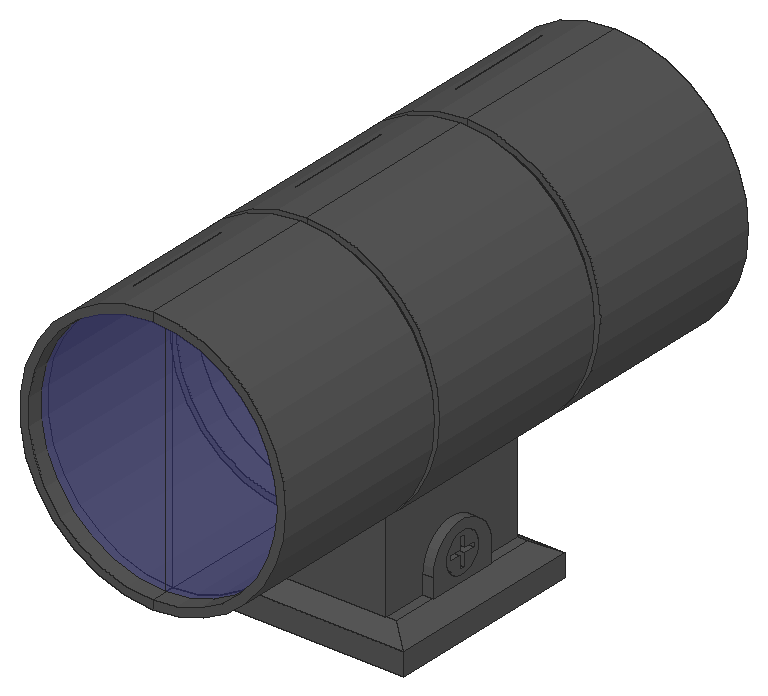
Revit family "CARLO CYLINDER LIGHT WALL MOUNT", category Lighting Fixtures, host Face, Revit 2020 (continued)
Types (10): name | Wattage_Input | Wattage Comments | Wattage | Photometric Web File | built-in parameter 1150142 | Model | built-in parameter 1150105 | Lumens | Light Length 1 | LIGHT RADIUS | LIGHT PLACEMENT | LIGHT LENGTH | LIGHT DIA | built-in parameter 1150106 | FIXED END HEIGHT | Curve base Height | Base Curve | BEAMING ANGLE | Apparent Load
     157.66 161.84 166.77 172.71 \r\n 179.71 187.58 197.26 209.89 224.61 240.72 258.86 279.02 302.38 330.55 \r\n 362.2 396.5 433.49 473.01 514.9 559.07 605.2 652.93 702.17 753.09 \r\n 804.48 855.12 905.19 954.62 1002.9 1049.7 1094.7 1138.4 1179.4 1216.2 \r\n 1249.7 1280.3 1308.4 1334.6 1358.4 1379.3 1397.8 1414.6 1428.9 1440.2 \r\n 1452.3 \r\n1448.4 1441.7 1428 1409.8 1388.1 1363.1 1337 1312.6 1288 1262.6 \r\n 1235.7 1207.3 1175.3 1137 1094.6 1049.1 1001.4 952.53 902.9 853.41 \r\n 803.97 754.72 705.87 657.5 610.16 564.28 520.27 478.72 439.45 402.36 \r\n 367.83 335.76 307.54 285.65 266.84 248.41 231.17 214.5 199.97 189.57 \r\n 181.38 174.03 167.88 162.95 158.86 155.22 152.12 149.61 147.48 145.53 \r\n 143.84 142.49 141.3 140.12 139.02 138.06 137.14 136.09 135.06 134.17 \r\n 133.29 132.35 131.41 130.53 129.62 128.64 127.49 126.29 124.38 120.98 \r\n 116.64 111.67 106.03 99.717 92.976 86.072 78.947 71.546 64.129 57.046 \r\n 49.982 42.547 35.322 28.626 22.858 18.623 15.623 13.997 13.043 12.074 \r\n 11.182 10.209 9.2107 8.1438 7.1463 6.3549 5.7301 5.304 4.9984 4.7502 \r\n 4.5462 4.3518 4.1688 3.9844 3.8068 3.6393 3.4833 3.3446 3.2143 3.0912 \r\n 2.9583 2.7861 2.6106 2.4646 2.3279 2.1968 2.0546 1.8654 1.6825 1.566 \r\n 1.4588 1.3113 1.1621 1.0376 0.92436 0.81935 0.71765 0.60571 0.50637 0.44443 \r\n 0.4005 0.36349 0.33332 0.30579 0.28228 0.26351 0.24723 0.2304 0.21605 0.20791 \r\n 0.20084 0.19023 0.17964 0.17196 0.16459 0.15484 0.14588 0.14175 0.13722 0.12659 \r\n 0.11532 0.10766 0.10158 0.096684 0.092292 0.087436 0.082535 0.078658 0.07288 0.060592 \r\n 0.047916 0.040573 0.035165 0.030257 0.025671 0.020316 0.015493 0.012303 0.010258 0.0099949 \r\n 0.0092418 0.0046053 0.000085 0 0 0 0 0 0 0 \r\n 0 0 0 0 0 0 0 0 0.000084 0.0034553 \r\n 0.007047 0.0079819 0.0088957 0.011956 0.01569 0.019128 0.022931 0.027638 0.03264 0.036819 \r\n 0.042239 0.051669 0.061876 0.070355 0.077702 0.083352 0.088279 0.092926 0.09831 0.10658 \r\n 0.11479 0.11961 0.12434 0.13195 0.14007 0.14709 0.15365 0.15948 0.16569 0.1729 \r\n 0.18225 0.19714 0.21137 0.2168 0.22262 0.23871 0.2592 0.27997 0.30566 0.33918 \r\n 0.38167 0.4344 0.49996 0.58313 0.67858 0.78311 0.89502 1.0097 1.1327 1.2735 \r\n 1.416 1.5397 1.6661 1.8174 1.9703 2.1034 2.2339 2.3741 2.5185 2.6686 \r\n 2.8169 2.9542 3.0874 3.2211 3.3539 3.4829 3.6171 3.7617 3.925 4.1243 \r\n 4.338 4.5509 4.7614 4.8966 5.155 5.7492 6.5643 7.5904 8.7238 9.8693 \r\n 10.99 11.817 12.951 14.828 17.669 22.012 27.334 33.34 39.876 46.705 \r\n 53.784 60.965 68.329 76.098 83.693 90.461 96.834 103.16 109.04 114.31 \r\n 118.66 121.48 123.39 124.76 125.78 126.8 127.72 128.56 129.36 130.19 \r\n 131.06 131.99 132.97 134.03 135.13 136.2 137.28 138.36 139.55 140.95 \r\n 142.56 144.43 146.54 148.8 151.45 154.67 158.45 162.74 167.81 173.91 \r\n 181.08 188.96 199.02 213.32 229.76 246.65 264.89 284.01 306.39 335.06 \r\n 367.54 402.28 439.61 479.39 521.57 566.23 612.79 660.71 709.97 760.73 \r\n 811.9 862.38 912.41 962.11 1010.7 1057.6 1102.7 1146.5 1187.5 1223.8 \r\n 1256.7 1287 1314.7 1339.9 1362.7 1383.2 1401.4 1417.7 1431.4 1441.6 \r\n 1452.3 \r\n1448.4 1441.2 1427.7 1409.8 1388.6 1363.9 1338.1 1313.8 1289.2 1263.8 \r\n 1236.8 1208.2 1176.1 1137.6 1095.1 1049.7 1002 952.99 903.21 853.72 \r\n 804.37 755.28 706.61 658.39 611.07 564.89 520.53 478.8 439.49 402.64 \r\n 368.33 336.28 307.68 284.35 264.15 245.43 228.58 213.23 200 189.76 \r\n 181.39 174.02 167.84 162.88 158.78 155.14 152.05 149.53 147.39 145.42 \r\n 143.71 142.34 141.14 139.94 138.81 137.84 136.9 135.86 134.84 133.95 \r\n 133.08 132.12 131.16 130.27 129.37 128.47 127.41 126.21 124.3 120.95 \r\n 116.63 111.52 105.75 99.438 92.768 85.992 78.997 71.675 64.268 57.031 \r\n 49.82 42.414 35.301 28.804 23.193 18.892 15.763 14.048 13.026 12.039 \r\n 11.146 10.164 9.1562 8.0724 7.0603 6.2643 5.644 5.238 4.9537 4.7119 \r\n 4.5114 4.3261 4.1515 3.9701 3.7938 3.6282 3.4743 3.3392 3.211 3.0844 \r\n 2.9473 2.7741 2.6003 2.4621 2.3317 2.1957 2.0476 1.8616 1.6827 1.5652 \r\n 1.4558 1.3064 1.157 1.038 0.93029 0.82505 0.7225 0.6134 0.51737 0.45742 \r\n 0.4142 0.37497 0.34287 0.3179 0.29671 0.27519 0.25567 0.23917 0.22543 0.21524 \r\n 0.20637 0.19759 0.18906 0.18057 0.17203 0.16274 0.15435 0.14957 0.14454 0.13499 \r\n 0.12481 0.11683 0.11003 0.10459 0.099657 0.094284 0.088874 0.084171 0.078203 0.067758 \r\n 0.057304 0.051285 0.046556 0.041297 0.035986 0.030259 0.024814 0.0201 0.016501 0.015747 \r\n 0.014265 0.0070666 0.00013131 0 0 0 0 0 0 0 \r\n 0 0 0 0 0 0 0 0 0.000047 0.0019609 \r\n 0.0039658 0.004368 0.0047449 0.0063901 0.0084615 0.010239 0.01265 0.016651 0.021441 0.026005 \r\n 0.03195 0.041305 0.051795 0.062351 0.071386 0.075883 0.079061 0.083041 0.088106 0.096311 \r\n 0.10447 0.10871 0.11311 0.12155 0.13073 0.13849 0.14532 0.15027 0.15546 0.16251 \r\n 0.17192 0.18677 0.20097 0.20633 0.21229 0.22831 0.24859 0.26869 0.29394 0.32771 \r\n 0.37151 0.4276 0.49715 0.58421 0.68234 0.78551 0.89655 1.0168 1.1447 1.2818 \r\n 1.4205 1.5498 1.6827 1.836 1.9875 2.1113 2.2348 2.3833 2.5377 2.6879 \r\n 2.8317 2.9579 3.0825 3.2227 3.3636 3.4927 3.62 3.7426 3.8872 4.0934 \r\n 4.3191 4.5367 4.7419 4.8696 5.0746 5.5012 6.1146 6.9434 7.942 9.1365 \r\n 10.339 11.102 12.234 14.398 17.584 22.142 27.657 33.896 40.669 47.759 \r\n 55.013 62.12 69.34 77.039 84.595 91.399 97.778 103.95 109.64 114.74 \r\n 118.91 121.56 123.35 124.71 125.76 126.77 127.7 128.55 129.38 130.25 \r\n 131.15 132.11 133.12 134.18 135.27 136.38 137.51 138.62 139.84 141.31 \r\n 142.99 144.91 147.06 149.4 152.11 155.38 159.23 163.63 168.84 175.09 \r\n 182.44 190.36 200.84 216.72 234.83 252.58 271.04 289.2 310.65 339.81 \r\n 373.14 408.36 446.08 486.16 528.65 573.78 620.76 668.87 718.14 768.7 \r\n 819.63 869.96 919.97 969.95 1018.9 1065.9 1111.1 1155 1195.8 1231.6 \r\n 1263.9 1293.8 1321 1345.1 1366.9 1387.1 1405.1 1421 1434 1443.2 \r\n 1452.3 \r\n1448.4 1440.9 1427.6 1410.2 1389.4 1365.2 1339.7 1315.5 1290.9 1265.3 \r\n 1238.3 1209.7 1177.4 1138.8 1096.2 1050.9 1003.4 954.22 904.28 854.74 \r\n 805.42 756.49 707.98 659.88 612.57 566.12 521.42 479.48 440.08 403.39 \r\n 369.23 337.15 308.17 283.56 262.14 243.13 226.59 212.35 200.23 190.1 \r\n 181.57 174.16 167.94 162.94 158.81 155.16 152.07 149.52 147.35 145.35 \r\n 143.61 142.23 141.01 139.78 138.64 137.63 136.67 135.64 134.63 133.75 \r\n 132.87 131.9 130.93 130.03 129.15 128.32 127.32 126.13 124.23 120.97 \r\n 116.69 111.45 105.54 99.25 92.654 85.985 79.097 71.846 64.447 57.058 \r\n 49.707 42.352 35.368 29.065 23.596 19.216 15.94 14.11 12.998 11.987 \r\n 11.091 10.096 9.0745 7.9811 6.9632 6.1655 5.5512 5.1675 4.9065 4.6722 \r\n 4.4755 4.2986 4.1315 3.9539 3.7799 3.6165 3.4648 3.3327 3.2062 3.0765 \r\n 2.9361 2.7626 2.5908 2.4589 2.3336 2.1933 2.0406 1.8585 1.6841 1.565 \r\n 1.4531 1.3025 1.1535 1.0383 0.93443 0.82897 0.72601 0.61979 0.52695 0.46849 \r\n 0.42555 0.38435 0.35058 0.3278 0.30862 0.28475 0.2625 0.24654 0.23354 0.22151 \r\n 0.21096 0.2039 0.19728 0.18796 0.17827 0.16949 0.16168 0.15609 0.15041 0.14206 \r\n 0.13316 0.12496 0.11748 0.11147 0.10596 0.10013 0.094283 0.088823 0.082654 0.073804 \r\n 0.065299 0.060501 0.056426 0.050821 0.044846 0.038891 0.03301 0.026993 0.022016 0.020715 \r\n 0.018498 0.0091247 0.00017022 0 0 0 0 0 0 0 \r\n 0 0 0 0 0 0 0 0 0.000014 0.00057788 \r\n 0.0011534 0.0012127 0.0012585 0.0017011 0.0022895 0.0024808 0.0035607 0.006992 0.0117 0.016702 \r\n 0.023185 0.032475 0.043174 0.055484 0.065941 0.069428 0.071101 0.074545 0.079359 0.087424 \r\n 0.095472 0.099336 0.10359 0.11276 0.12286 0.13132 0.13846 0.14274 0.14708 0.15393 \r\n 0.16325 0.17775 0.1917 0.19717 0.20348 0.21944 0.23947 0.25897 0.28385 0.31788 \r\n 0.36294 0.4222 0.49558 0.58674 0.68763 0.78874 0.8982 1.024 1.1571 1.2903 \r\n 1.4252 1.559 1.6976 1.8535 2.0044 2.1195 2.2363 2.3927 2.5564 2.7071 \r\n 2.8468 2.9628 3.0794 3.2254 3.3738 3.5039 3.6264 3.7308 3.8597 4.0722 \r\n 4.308 4.5259 4.7276 4.8659 5.0456 5.3447 5.7958 6.4536 7.33 8.5614 \r\n 9.8297 10.531 11.661 14.084 17.586 22.353 28.057 34.5 41.478 48.812 \r\n 56.235 63.281 70.371 77.978 85.473 92.317 98.717 104.75 110.25 115.18 \r\n 119.18 121.67 123.36 124.71 125.78 126.79 127.7 128.56 129.4 130.3 \r\n 131.24 132.23 133.25 134.3 135.38 136.53 137.7 138.83 140.07 141.59 \r\n 143.34 145.3 147.5 149.9 152.69 156 159.91 164.42 169.77 176.15 \r\n 183.66 191.68 202.55 219.75 239.25 257.83 276.59 294.06 314.83 344.48 \r\n 378.58 414.26 452.39 492.79 535.59 581.17 628.54 676.81 726.1 776.45 \r\n 827.14 877.33 927.33 977.57 1026.8 1074 1119.2 1163.2 1203.9 1239 \r\n 1270.7 1300.1 1326.7 1349.9 1370.7 1390.7 1408.7 1424.2 1436.6 1444.8 \r\n 1452.3 \r\n1448.4 1441.2 1428.6 1411.7 1391.4 1367.9 1342.9 1318.7 1294 1268.6 \r\n 1241.6 1213 1180.8 1142.6 1100.4 1055.2 1007.7 958.51 908.49 858.86 \r\n 809.47 760.56 712.07 663.88 616.44 569.88 525.03 482.8 443.11 406.26 \r\n 371.94 339.55 310.25 285.48 263.93 244.75 228.03 213.62 201.33 191.08 \r\n 182.45 174.95 168.65 163.55 159.32 155.6 152.43 149.8 147.55 145.52 \r\n 143.76 142.33 141.07 139.82 138.66 137.63 136.64 135.61 134.61 133.72 \r\n 132.83 131.86 130.89 130 129.13 128.31 127.33 126.17 124.33 121.25 \r\n 117.14 111.86 105.9 99.702 93.219 86.599 79.737 72.516 65.122 57.665 \r\n 50.265 42.996 36.118 29.866 24.386 19.865 16.406 14.41 13.166 12.112 \r\n 11.202 10.17 9.1156 8.0071 6.9759 6.147 5.5076 5.1297 4.8828 4.6552 \r\n 4.463 4.2875 4.1208 3.9441 3.7711 3.6089 3.4581 3.3258 3.1991 3.0696 \r\n 2.9301 2.7595 2.59 2.4567 2.3295 2.1894 2.0381 1.8596 1.688 1.5667 \r\n 1.4523 1.3043 1.1574 1.0386 0.93084 0.82577 0.72426 0.61876 0.52619 0.46685 \r\n 0.42295 0.38183 0.34836 0.32561 0.3064 0.28239 0.26022 0.24523 0.233 0.22019 \r\n 0.20883 0.20258 0.19682 0.18695 0.17658 0.16809 0.16056 0.15423 0.14799 0.14055 \r\n 0.13271 0.12463 0.11695 0.11069 0.10492 0.099024 0.093173 0.087713 0.081544 0.07262 \r\n 0.064123 0.059658 0.055907 0.050233 0.044189 0.038554 0.033009 0.027043 0.022016 0.020638 \r\n 0.018353 0.0090015 0.000096 0 0 0 0 0 0 0 \r\n 0 0 0 0 0 0 0 0 0.000007 0.00021222 \r\n 0.00057613 0.0011852 0.0018502 0.0024314 0.0028662 0.0024625 0.0029689 0.0063427 0.011266 0.016844 \r\n 0.023766 0.032589 0.042814 0.055575 0.066528 0.069776 0.071101 0.074554 0.079432 0.087391 \r\n 0.095407 0.099557 0.10419 0.11365 0.12405 0.13288 0.14031 0.14467 0.14892 0.1555 \r\n 0.16435 0.17785 0.19105 0.19695 0.20401 0.22016 0.24022 0.25948 0.28433 0.31898 \r\n 0.36524 0.4264 0.50219 0.59701 0.70014 0.79763 0.90367 1.0331 1.17 1.3008 \r\n 1.4328 1.5671 1.7076 1.8664 2.0189 2.1295 2.2422 2.4023 2.5706 2.7219 \r\n 2.8603 2.9721 3.0852 3.2327 3.3845 3.5184 3.6436 3.7464 3.8732 4.0875 \r\n 4.3247 4.5303 4.7376 4.9468 5.2015 5.5275 5.9778 6.5987 7.4363 8.669 \r\n 9.9452 10.62 11.752 14.274 17.921 22.866 28.734 35.248 42.287 49.758 \r\n 57.299 64.362 71.405 78.887 86.26 93.098 99.487 105.4 110.74 115.52 \r\n 119.4 121.78 123.39 124.75 125.84 126.82 127.71 128.56 129.4 130.28 \r\n 131.22 132.21 133.24 134.28 135.35 136.5 137.68 138.81 140.05 141.61 \r\n 143.4 145.38 147.6 150.06 152.91 156.26 160.2 164.77 170.19 176.62 \r\n 184.2 192.38 203.43 220.77 240.46 259.41 278.6 296.44 317.58 347.63 \r\n 382.1 418.08 456.47 497.15 540.22 586.13 633.77 682.15 731.43 781.7 \r\n 832.26 882.38 932.37 982.66 1032 1079.5 1125 1168.9 1209.5 1244.2 \r\n 1275.3 1304.3 1330.4 1352.9 1373.3 1393.2 1411.2 1426.4 1438.4 1446 \r\n 1452.3 \r\n1448.4 1442.3 1430.6 1414.5 1394.8 1372 1347.6 1323.4 1298.7 1273.5 \r\n 1246.8 1218.2 1186.3 1148.8 1107.4 1062.5 1015 965.84 915.83 866.07 \r\n 816.5 767.47 718.84 670.36 622.66 576.15 531.32 488.74 448.55 411.22 \r\n 376.43 343.44 313.92 290.09 269.49 250.27 232.9 217.01 203.28 192.68 \r\n 184.03 176.39 169.95 164.69 160.29 156.43 153.14 150.37 148 145.93 \r\n 144.14 142.64 141.32 140.06 138.89 137.83 136.81 135.78 134.78 133.86 \r\n 132.96 131.99 131.03 130.17 129.31 128.44 127.43 126.3 124.58 121.78 \r\n 117.95 112.75 106.83 100.8 94.461 87.826 80.909 73.674 66.284 58.849 \r\n 51.496 44.34 37.534 31.19 25.542 20.824 17.151 14.94 13.523 12.41 \r\n 11.475 10.386 9.2794 8.1506 7.0987 6.2109 5.5167 5.1274 4.8846 4.6625 \r\n 4.475 4.2939 4.12 3.9416 3.7683 3.6061 3.4548 3.3193 3.1904 3.0644 \r\n 2.9299 2.7653 2.5984 2.4558 2.3198 2.1845 2.0408 1.8653 1.6946 1.5705 \r\n 1.454 1.312 1.1689 1.0393 0.92005 0.81593 0.71763 0.61061 0.51531 0.45274 \r\n 0.40667 0.36759 0.33633 0.31143 0.29018 0.26828 0.249 0.23533 0.22383 0.21134 \r\n 0.2001 0.1937 0.18768 0.1776 0.16706 0.15861 0.15104 0.14414 0.13749 0.13057 \r\n 0.12347 0.11584 0.10848 0.10228 0.096589 0.091024 0.085611 0.080906 0.074939 0.064286 \r\n 0.053863 0.048809 0.045021 0.039577 0.03408 0.029282 0.024813 0.020242 0.016501 0.015535 \r\n 0.013873 0.0067723 0 0 0 0 0 0 0 0 \r\n 0 0 0 0 0 0 0 0 0.000027 0.00089105 \r\n 0.0022771 0.0042876 0.006476 0.0085267 0.010149 0.010187 0.010919 0.014732 0.020138 0.026404 \r\n 0.033647 0.041612 0.050691 0.062589 0.073102 0.076905 0.079061 0.083055 0.088302 0.096214 \r\n 0.10429 0.10936 0.11486 0.12416 0.13421 0.14304 0.15071 0.15591 0.16083 0.16712 \r\n 0.17514 0.18708 0.19908 0.2057 0.21384 0.23049 0.25088 0.27032 0.29551 0.33115 \r\n 0.37853 0.4403 0.51701 0.61477 0.71946 0.81209 0.9132 1.0441 1.1833 1.3132 \r\n 1.4432 1.5745 1.7131 1.8748 2.0306 2.1412 2.2529 2.4122 2.5802 2.7322 \r\n 2.8718 2.9856 3.1 3.2447 3.3954 3.5355 3.6707 3.7883 3.9267 4.1381 \r\n 4.3679 4.5496 4.771 5.1059 5.5293 6.032 6.6402 7.3595 8.243 9.4407 \r\n 10.667 11.353 12.496 14.958 18.579 23.669 29.673 36.124 43.075 50.569 \r\n 58.168 65.325 72.412 79.749 86.946 93.728 100.07 105.87 111.09 115.77 \r\n 119.56 121.88 123.45 124.82 125.93 126.88 127.73 128.55 129.35 130.19 \r\n 131.08 132.06 133.09 134.12 135.19 136.32 137.47 138.56 139.8 141.37 \r\n 143.18 145.16 147.39 149.89 152.79 156.15 160.1 164.68 170.1 176.49 \r\n 184.05 192.46 203.51 219.81 238.5 257.33 277.02 296.32 318.89 349.23 \r\n 383.67 419.77 458.3 499.19 542.49 588.61 636.41 684.83 734.11 784.39 \r\n 834.97 885.1 935.04 985.16 1034.5 1082.3 1128.2 1172.1 1212.5 1247.1 \r\n 1277.9 1306.3 1332 1354.3 1374.6 1394.6 1412.6 1427.7 1439.5 1446.7 \r\n 1452.3 \r\n1448.4 1443.6 1432.9 1417.5 1398.4 1376.4 1352.6 1328.5 1303.8 1278.8 \r\n 1252.3 1223.9 1192.3 1155.7 1115.1 1070.3 1022.9 973.87 923.87 873.94 \r\n 824.14 774.96 726.15 677.34 629.39 582.96 538.17 495.2 454.49 416.59 \r\n 381.24 347.63 317.9 295.16 275.66 256.4 238.3 220.75 205.4 194.41 \r\n 185.73 177.94 171.36 165.92 161.34 157.34 153.91 150.98 148.5 146.37 \r\n 144.55 142.98 141.59 140.32 139.14 138.05 137.01 135.96 134.96 134.02 \r\n 133.11 132.14 131.19 130.35 129.5 128.58 127.53 126.43 124.83 122.33 \r\n 118.81 113.72 107.87 102 95.783 89.101 82.099 74.842 67.46 60.067 \r\n 52.78 45.736 38.992 32.538 26.706 21.784 17.893 15.454 13.851 12.677 \r\n 11.72 10.573 9.4161 8.2747 7.2112 6.2727 5.5298 5.1297 4.8897 4.6725 \r\n 4.4892 4.3011 4.1191 3.9394 3.7668 3.6049 3.4531 3.3137 3.1822 3.06 \r\n 2.9314 2.773 2.6085 2.4554 2.3095 2.1799 2.0449 1.8724 1.7023 1.5754 \r\n 1.457 1.3214 1.1823 1.041 0.90912 0.80585 0.71084 0.60205 0.50368 0.43739 \r\n 0.38876 0.35182 0.32287 0.29544 0.27184 0.25249 0.23663 0.22427 0.21347 0.20162 \r\n 0.19075 0.18392 0.17735 0.16718 0.15667 0.14825 0.1406 0.13316 0.12611 0.11957 \r\n 0.11309 0.106 0.099068 0.092946 0.087325 0.08219 0.077316 0.073437 0.06766 0.055074 \r\n 0.042471 0.036625 0.03268 0.027536 0.022712 0.018805 0.015491 0.012518 0.010258 0.0097146 \r\n 0.0087337 0.0042716 0 0 0 0 0 0 0 0 \r\n 0 0 0 0 0 0 0 0 0.000051 0.0017627 \r\n 0.0043751 0.0078548 0.011634 0.015336 0.018359 0.019054 0.020192 0.02454 0.030466 0.037398 \r\n 0.044924 0.052067 0.059961 0.070637 0.080416 0.084983 0.088279 0.092913 0.098565 0.10643 \r\n 0.11457 0.12069 0.12711 0.13609 0.14558 0.15425 0.16212 0.16833 0.17413 0.1802 \r\n 0.18739 0.1977 0.20843 0.21584 0.22513 0.24234 0.26315 0.28298 0.30871 0.34538 \r\n 0.39379 0.45594 0.53318 0.63325 0.73898 0.8271 0.9236 1.0555 1.1964 1.3256 \r\n 1.4537 1.5817 1.7179 1.8819 2.041 2.1529 2.265 2.4227 2.589 2.7412 \r\n 2.8822 2.9999 3.117 3.2579 3.4059 3.552 3.6981 3.8344 3.9877 4.1949 \r\n 4.4149 4.5714 4.8073 5.269 5.8696 6.5752 7.3724 8.2191 9.1664 10.314 \r\n 11.473 12.186 13.353 15.734 19.297 24.516 30.639 36.996 43.822 51.292 \r\n 58.919 66.189 73.351 80.552 87.577 94.298 100.59 106.3 111.42 116 \r\n 119.7 121.96 123.51 124.89 126.02 126.95 127.75 128.54 129.31 130.1 \r\n 130.94 131.9 132.92 133.95 135.01 136.1 137.22 138.28 139.5 141.07 \r\n 142.89 144.87 147.1 149.65 152.58 155.96 159.91 1
